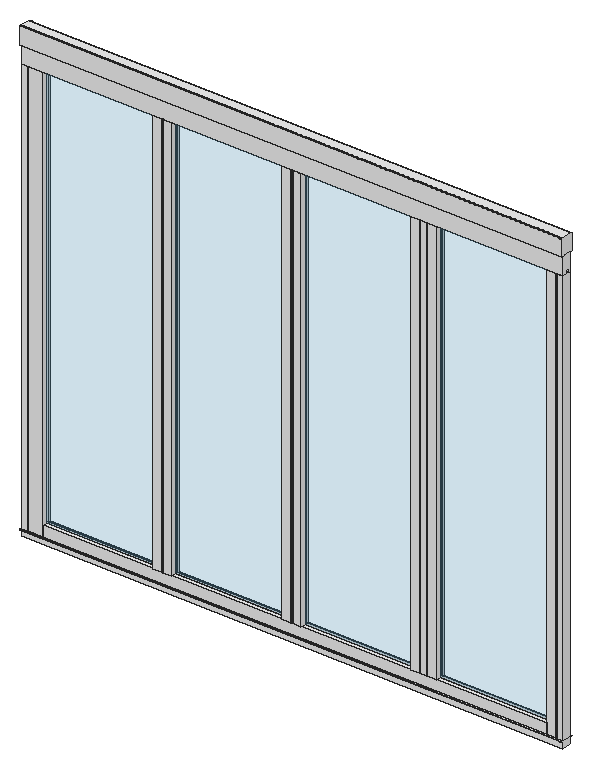
Revit family "Window-NanaWall-HSW-60", category Windows, host Wall, Revit 2013 (continued)
Definition of nested family "Right-Jamb_HSW-60"
  Definition of nested family "Profile_RightJamb_HSW60"
    Lines and regions (in)
      model lines, in view "Ref. Level", visible <- "Closed"
        curve 554: line (-3.93908, 0.99972, 0) -> (-3.93908, 1.02716, 0)
        curve 555: line (-3.93908, 1.02716, 0) -> (-3.89987, 1.02716, 0)
        curve 556: line (-3.89987, 1.02716, 0) -> (-3.89987, 1.10557, 0)
        curve 557: line (-3.89987, 1.10557, 0) -> (-4.25663, 1.10557, 0)
        curve 558: line (-4.25663, 1.10557, 0) -> (-4.25663, 1.02716, 0)
        curve 559: line (-4.33112, 0.98795, 0) -> (-4.22919, 0.98795, 0)
        curve 560: line (-3.88419, 0.98795, 0) -> (-3.92732, 0.98795, 0)
        curve 561: line (-3.92732, 0.98795, 0) -> (-3.88419, 0.98795, 0)
        curve 562: line (-2.08862, 0.87622, 0) -> (-2.06902, 0.87622, 0)
        curve 563: line (-2.06902, 0.87622, 0) -> (-2.06902, 0.83114, 0)
        curve 564: line (-2.06902, 0.83114, 0) -> (-2.01805, 0.83114, 0)
        curve 565: line (-2.01805, 0.83114, 0) -> (-2.01805, 0.88994, 0)
        curve 567: line (-1.99845, 0.88994, 0) -> (-2.01805, 0.88994, 0)
        curve 568: line (-2.01805, 0.88994, 0) -> (-2.01805, 0.83114, 0)
        curve 569: line (-2.01805, 0.83114, 0) -> (-2.06902, 0.83114, 0)
        curve 570: line (-2.06902, 0.83114, 0) -> (-2.06902, 0.87622, 0)
        curve 571: line (-2.06902, 0.87622, 0) -> (-2.08862, 0.87622, 0)
        curve 572: line (-2.10822, 0.83114, 0) -> (-2.10822, 0.85662, 0)
        curve 573: line (-2.10822, 0.85662, 0) -> (-2.10822, 0.83114, 0)
        curve 574: line (-2.10822, 0.83114, 0) -> (-2.17487, 0.83114, 0)
        curve 575: line (-2.17487, 0.83114, 0) -> (-2.17487, 1.10557, 0)
        curve 576: line (-2.17487, 1.10557, 0) -> (-2.10822, 1.10557, 0)
        curve 577: line (-2.10822, 1.10557, 0) -> (-2.17487, 1.10557, 0)
        curve 578: line (-2.17487, 1.10557, 0) -> (-2.17487, 0.83114, 0)
        curve 579: line (-2.17487, 0.83114, 0) -> (-2.10822, 0.83114, 0)
        curve 580: line (-2.01007, 0.79275, 0) -> (-2.10822, 0.77233, 0)
        curve 581: line (-2.10822, 0.77233, 0) -> (-2.37089, 0.77233, 0)
        curve 582: line (-2.37089, 0.77233, 0) -> (-2.10822, 0.77233, 0)
        curve 583: line (-2.10822, 0.77233, 0) -> (-2.01007, 0.79275, 0)
        curve 584: line (-3.46862, 0.98858, 0) -> (-3.53809, 0.86841, 0)
        curve 585: line (-3.53809, 0.86841, 0) -> (-3.46862, 0.98858, 0)
        curve 586: line (-3.46862, 0.98858, 0) -> (-3.46862, 1.09381, 0)
        curve 587: line (-3.46862, 1.09381, 0) -> (-3.84499, 1.09381, 0)
        curve 588: line (-3.84499, 1.09381, 0) -> (-3.84499, 1.02716, 0)
        curve 589: line (-3.84499, 1.02716, 0) -> (-3.84499, 1.09381, 0)
        curve 590: line (-3.84499, 1.09381, 0) -> (-3.46862, 1.09381, 0)
        curve 591: line (-3.46862, 1.09381, 0) -> (-3.46862, 0.98858, 0)
        curve 592: line (-2.48851, 0.65472, 0) -> (-2.48851, 0.34934, 0)
        curve 593: line (-2.48851, 0.34934, 0) -> (-2.48851, 0.65472, 0)
        curve 594: line (-2.55516, 0.65472, 0) -> (-2.55516, 0.54886, 0)
        curve 595: line (-2.55516, 0.54886, 0) -> (-3.48038, 0.54886, 0)
        curve 596: line (-3.48038, 0.54886, 0) -> (-3.48038, 0.83506, 0)
        curve 597: line (-3.48038, 0.83506, 0) -> (-3.40197, 0.9707, 0)
        curve 598: line (-3.40197, 0.9707, 0) -> (-3.40197, 1.09381, 0)
        curve 599: line (-3.40197, 1.09381, 0) -> (-2.24152, 1.09381, 0)
        curve 600: line (-2.24152, 1.09381, 0) -> (-2.24152, 0.83898, 0)
        curve 601: line (-2.24152, 0.83898, 0) -> (-2.31993, 0.83898, 0)
        curve 602: line (-2.31993, 0.83898, 0) -> (-2.31993, 0.85858, 0)
        curve 603: line (-2.31993, 0.85858, 0) -> (-2.39834, 0.85858, 0)
        curve 604: line (-2.39834, 0.85858, 0) -> (-2.39834, 0.83692, 0)
        curve 605: line (-2.39834, 0.83692, 0) -> (-2.39834, 0.85858, 0)
        curve 606: line (-2.39834, 0.85858, 0) -> (-2.31993, 0.85858, 0)
        curve 607: line (-2.31993, 0.85858, 0) -> (-2.31993, 0.83898, 0)
        curve 608: line (-2.31993, 0.83898, 0) -> (-2.24152, 0.83898, 0)
        curve 609: line (-2.24152, 0.83898, 0) -> (-2.24152, 1.09381, 0)
        curve 610: line (-2.24152, 1.09381, 0) -> (-3.40197, 1.09381, 0)
        curve 611: line (-3.40197, 1.09381, 0) -> (-3.40197, 0.9707, 0)
        curve 612: line (-3.40197, 0.9707, 0) -> (-3.48038, 0.83506, 0)
        curve 613: line (-3.48038, 0.83506, 0) -> (-3.48038, 0.54886, 0)
        curve 614: line (-3.48038, 0.54886, 0) -> (-2.55516, 0.54886, 0)
        curve 615: line (-2.55516, 0.54886, 0) -> (-2.55516, 0.65472, 0)
        curve 616: line (-2.78303, 0.37244, 0) -> (-2.83962, 0.47045, 0)
        curve 617: line (-2.83962, 0.47045, 0) -> (-3.19592, 0.47045, 0)
        curve 618: line (-3.19592, 0.47045, 0) -> (-3.25251, 0.37244, 0)
        curve 619: line (-3.25251, 0.37244, 0) -> (-3.19592, 0.47045, 0)
        curve 620: line (-3.19592, 0.47045, 0) -> (-2.83962, 0.47045, 0)
        curve 621: line (-2.83962, 0.47045, 0) -> (-2.78303, 0.37244, 0)
        curve 622: line (-2.72864, 0.46261, 0) -> (-2.72864, 0.44144, 0)
        curve 623: line (-2.72864, 0.44144, 0) -> (-2.68453, 0.36505, 0)
        curve 624: line (-2.68453, 0.36505, 0) -> (-2.68453, 0.35284, 0)
        curve 625: line (-2.68453, 0.35284, 0) -> (-2.74908, 0.35284, 0)
        curve 626: line (-2.74908, 0.35284, 0) -> (-2.68453, 0.35284, 0)
        curve 627: line (-3.54703, 0.34934, 0) -> (-3.54703, 0.83506, 0)
        curve 628: line (-3.54703, 0.83506, 0) -> (-3.54703, 0.34934, 0)
        curve 629: line (-3.46568, 0.47045, 0) -> (-3.31474, 0.47045, 0)
        curve 630: line (-3.31474, 0.47045, 0) -> (-3.46568, 0.47045, 0)
        curve 631: line (-3.46568, 0.47045, 0) -> (-3.31474, 0.47045, 0)
        curve 632: line (-3.43922, 0.33838, 0) -> (-3.53723, 0.28009, 0)
        curve 633: line (-3.53723, 0.28009, 0) -> (-3.43922, 0.33838, 0)
        curve 634: line (-3.45588, 0.24274, 0) -> (-3.37061, 0.29197, 0)
        curve 635: line (-3.37061, 0.29197, 0) -> (-3.45588, 0.24274, 0)
        curve 636: line (-3.35101, 0.35284, 0) -> (-3.28646, 0.35284, 0)
        curve 637: line (-3.28646, 0.35284, 0) -> (-3.35101, 0.35284, 0)
        curve 638: line (-3.35101, 0.35284, 0) -> (-3.35101, 0.36505, 0)
        curve 639: line (-3.35101, 0.36505, 0) -> (-3.3069, 0.44144, 0)
        curve 640: line (-3.3069, 0.44144, 0) -> (-3.3069, 0.46261, 0)
        curve 641: line (-3.3069, 0.46261, 0) -> (-3.3069, 0.44144, 0)
        curve 642: line (-3.3069, 0.44144, 0) -> (-3.35101, 0.36505, 0)
        curve 643: line (-3.35101, 0.36505, 0) -> (-3.35101, 0.32593, 0)
        curve 644: line (-3.42942, -0.3553, 0) -> (-3.52236, -0.3304, 0)
        curve 645: line (-3.52235, -0.3304, 0) -> (-3.42942, -0.35535, 0)
        curve 646: line (-3.42942, -0.35535, 0) -> (-3.42942, -0.36505, 0)
        curve 647: line (-3.42942, -0.36505, 0) -> (-3.47352, -0.44144, 0)
        curve 648: line (-3.47352, -0.44144, 0) -> (-3.47352, -0.46261, 0)
        curve 649: line (-3.47352, -0.46261, 0) -> (-3.47352, -0.44144, 0)
        curve 650: line (-3.47352, -0.44144, 0) -> (-3.42942, -0.36505, 0)
        curve 651: line (-3.42942, -0.36505, 0) -> (-3.42942, -0.35535, 0)
        curve 652: line (-3.42942, 0.3553, 0) -> (-3.42942, 0.36505, 0)
        curve 653: line (-3.42942, 0.36505, 0) -> (-3.42942, 0.3553, 0)
        curve 654: line (-3.42942, 0.3553, 0) -> (-3.52236, 0.3304, 0)
        curve 655: line (-3.52236, 0.3304, 0) -> (-3.42942, 0.3553, 0)
        curve 656: line (-3.42942, 0.3553, 0) -> (-3.42942, 0.36505, 0)
        curve 657: line (-3.42942, 0.36505, 0) -> (-3.47352, 0.44144, 0)
        curve 658: line (-3.47352, 0.44144, 0) -> (-3.47352, 0.46261, 0)
        curve 659: line (-3.47352, 0.46261, 0) -> (-3.47352, 0.44144, 0)
        curve 660: line (-3.47352, 0.44144, 0) -> (-3.42942, 0.36505, 0)
        curve 661: line (-3.42942, 0.36505, 0) -> (-3.47352, 0.44144, 0)
        curve 662: line (-3.47352, 0.44144, 0) -> (-3.47352, 0.46261, 0)
        curve 663: line (-3.3069, -0.46261, 0) -> (-3.3069, -0.44144, 0)
        curve 664: line (-3.3069, -0.44144, 0) -> (-3.3069, -0.46261, 0)
        curve 665: line (-3.3069, -0.46261, 0) -> (-3.3069, -0.44144, 0)
        curve 666: line (-3.3069, -0.44144, 0) -> (-3.35101, -0.36505, 0)
        curve 667: line (-3.35101, -0.36505, 0) -> (-3.35101, -0.35284, 0)
        curve 668: line (-3.35101, -0.35284, 0) -> (-3.28646, -0.35284, 0)
        curve 669: line (-3.28646, -0.35284, 0) -> (-3.35101, -0.35284, 0)
        curve 670: line (-3.3069, -0.44144, 0) -> (-3.35101, -0.36505, 0)
        curve 671: line (-3.35101, -0.36505, 0) -> (-3.35101, -0.32593, 0)
        curve 672: line (-3.35101, -0.32593, 0) -> (-3.35101, -0.36505, 0)
        curve 673: line (-3.35101, -0.36505, 0) -> (-3.3069, -0.44144, 0)
        curve 674: line (-3.47548, -0.20879, 0) -> (-3.47548, 0.20879, 0)
        curve 675: line (-3.47548, 0.20879, 0) -> (-3.47548, -0.20879, 0)
        curve 676: line (-3.54703, 0.26311, 0) -> (-3.54703, -0.26311, 0)
        curve 677: line (-3.54703, -0.26311, 0) -> (-3.54703, 0.26311, 0)
        curve 678: line (-3.37061, -0.29197, 0) -> (-3.45588, -0.24274, 0)
        curve 679: line (-3.45588, -0.24274, 0) -> (-3.37061, -0.29197, 0)
        curve 680: line (-3.53723, -0.28009, 0) -> (-3.43922, -0.33838, 0)
        curve 681: line (-3.43922, -0.33838, 0) -> (-3.53723, -0.28009, 0)
        curve 682: line (-3.31474, -0.47045, 0) -> (-3.46568, -0.47045, 0)
        curve 683: line (-3.46568, -0.47045, 0) -> (-3.31474, -0.47045, 0)
        curve 684: line (-3.31474, -0.47045, 0) -> (-3.46568, -0.47045, 0)
        curve 715: line (-4.22919, 0.98795, 0) -> (-4.33112, 0.98795, 0)
        curve 716: line (-4.33112, 0.98795, 0) -> (-4.33112, 1.16438, 0)
        curve 717: line (-4.33112, 1.16438, 0) -> (-1.97885, 1.16438, 0)
        curve 753: line (-2.60612, 0.35535, 0) -> (-2.60612, 0.36505, 0)
        curve 754: line (-2.60612, 0.36505, 0) -> (-2.56202, 0.44144, 0)
        curve 755: line (-2.56202, 0.44144, 0) -> (-2.56202, 0.46261, 0)
        curve 756: line (-2.68453, 0.32593, 0) -> (-2.68453, 0.36505, 0)
        curve 757: line (-2.68453, 0.36505, 0) -> (-2.72864, 0.44144, 0)
        curve 758: line (-2.72864, 0.44144, 0) -> (-2.72864, 0.46261, 0)
        curve 759: line (-2.72864, 0.46261, 0) -> (-2.72864, 0.44144, 0)
        curve 760: line (-2.72864, 0.44144, 0) -> (-2.68453, 0.36505, 0)
        curve 761: line (-2.68453, 0.36505, 0) -> (-2.68453, 0.32593, 0)
        curve 762: line (-3.3069, 0.46261, 0) -> (-3.3069, 0.44144, 0)
        curve 763: line (-3.3069, 0.44144, 0) -> (-3.35101, 0.36505, 0)
        curve 764: line (-3.35101, 0.36505, 0) -> (-3.35101, 0.32593, 0)
        curve 765: line (-3.47352, -0.46261, 0) -> (-3.47352, -0.44144, 0)
        curve 766: line (-3.47352, -0.44144, 0) -> (-3.42942, -0.36505, 0)
        curve 767: line (-3.42942, -0.36505, 0) -> (-3.42942, -0.35535, 0)
        curve 768: line (-3.54684, -0.31756, 0) -> (-3.74286, 1.09381, 0)
        curve 769: line (-3.74286, 1.09381, 0) -> (-3.74286, -0.31756, 0)
        curve 770: line (-3.74286, -0.31756, 0) -> (-3.54684, -0.31756, 0)
        curve 771: line (-3.54684, -0.31756, 0) -> (-3.54684, 1.09381, 0)
        curve 772: line (-3.54684, 1.09381, 0) -> (-3.74286, -0.31756, 0)
        curve 773: line (-3.74286, 1.09381, 0) -> (-3.54684, 1.09381, 0)
        curve 774: line (-3.96176, 1.08121, 0) -> (-3.90771, 1.02716, 0)
        curve 775: line (-3.90771, 1.02716, 0) -> (-3.93908, 1.02716, 0)
        curve 776: line (-3.93908, 1.02716, 0) -> (-3.93908, 0.98795, 0)
        curve 777: line (-3.93908, 0.98795, 0) -> (-3.90771, 0.98795, 0)
        curve 778: line (-3.90771, 0.98795, 0) -> (-3.90771, 0.98011, 0)
        curve 779: line (-3.99834, 1.06908, 0) -> (-3.99168, 1.07859, 0)
        curve 780: line (-4.10178, 1.03564, 0) -> (-4.06257, 1.03564, 0)
        curve 781: line (-3.93908, 0.95071, 0) -> (-4.15257, 0.95071, 0)
        curve 782: line (-1.97885, 1.08597, 0) -> (-1.97885, 1.16438, 0)
        curve 783: line (-1.97885, 1.16438, 0) -> (-4.33112, 1.16438, 0)
        curve 784: line (-4.33112, 1.16438, 0) -> (-4.33112, 0.98795, 0)
        curve 785: line (-4.33112, 0.98795, 0) -> (-4.21743, 0.98795, 0)
        curve 786: line (-4.21743, 0.98795, 0) -> (-4.21743, 1.02716, 0)
        curve 787: line (-4.21743, 1.02716, 0) -> (-4.25663, 1.02716, 0)
        curve 788: line (-4.17267, 1.07859, 0) -> (-4.166, 1.06908, 0)
        curve 789: line (-4.34324, 0.83114, 0) -> (-4.2191, 0.83114, 0)
        curve 790: line (-3.55851, -0.52582, 0) -> (-3.74305, -0.34128, 0)
        curve 791: line (-3.74305, -0.34128, 0) -> (-3.99544, -0.34128, 0)
        curve 792: line (-3.99544, -0.34128, 0) -> (-4.03352, -0.12921, 0)
        curve 793: line (-3.97044, -0.40008, 0) -> (-3.79486, -0.40008, 0)
        curve 794: line (-4.25628, -0.13738, 0) -> (-4.21967, -0.34108, 0)
        curve 795: line (-4.21967, -0.34108, 0) -> (-4.3117, -0.34108, 0)
        curve 796: line (-4.3117, -0.34108, 0) -> (-4.38325, -0.12599, 0)
        curve 797: line (-4.42913, -0.1333, 0) -> (-4.42913, -0.1921, 0)
        curve 798: line (-4.42913, -0.1921, 0) -> (-4.38993, -0.46395, 0)
        curve 799: line (-4.38993, -0.46395, 0) -> (-4.33112, -0.4979, 0)
        curve 800: line (-4.33112, -0.4979, 0) -> (-4.33112, -0.41949, 0)
        curve 801: line (-4.33112, -0.41949, 0) -> (-4.24487, -0.41949, 0)
        curve 802: line (-4.08021, -0.1333, 0) -> (-4.08021, -0.34108, 0)
        curve 803: line (-4.08021, -0.34108, 0) -> (-4.13102, -0.34108, 0)
        curve 804: line (-4.13102, -0.34108, 0) -> (-4.21101, -0.12525, 0)
        curve 805: line (-3.74801, -0.41949, 0) -> (-3.58049, -0.587, 0)
        curve 806: line (-3.54703, -0.57314, 0) -> (-3.54703, -0.55354, 0)
        curve 1080: line (-4.26447, -0.64688, 0) -> (-4.26447, -1.05852, 0)
        curve 1081: line (-3.943, -0.41949, 0) -> (-3.86067, -0.41949, 0)
        curve 1082: line (-3.86067, -0.41949, 0) -> (-3.86067, -0.56847, 0)
        curve 1083: line (-3.95476, -0.43125, 0) -> (-3.95476, -0.45869, 0)
        curve 1084: line (-3.95476, -0.45869, 0) -> (-3.91555, -0.45869, 0)
        curve 1085: line (-3.91555, -0.45869, 0) -> (-3.91555, -0.54886, 0)
        curve 1086: line (-3.91555, -0.54886, 0) -> (-4.27232, -0.54886, 0)
        curve 1087: line (-4.27232, -0.54886, 0) -> (-4.27232, -0.45869, 0)
        curve 1088: line (-4.27232, -0.45869, 0) -> (-4.23311, -0.45869, 0)
        curve 1089: line (-4.23311, -0.45869, 0) -> (-4.21351, -0.45869, 0)
        curve 1090: line (-4.21351, -0.45869, 0) -> (-4.02518, -0.39728, 0)
        curve 1091: line (-3.89987, -0.60767, 0) -> (-4.22527, -0.60767, 0)
        curve 1092: line (-3.34317, -1.04284, 0) -> (-3.45294, -1.04284, 0)
        curve 1093: line (-3.45294, -1.04284, 0) -> (-3.49634, -1.08624, 0)
        curve 1094: line (-4.22527, -1.09773, 0) -> (-3.62544, -1.09773, 0)
        curve 1095: line (-3.62544, -1.09773, 0) -> (-3.57055, -1.04284, 0)
        curve 1096: line (-3.57055, -1.04284, 0) -> (-3.53056, -1.04284, 0)
        curve 1097: line (-3.53056, -1.04284, 0) -> (-3.47568, -0.98795, 0)
        curve 1098: line (-3.47568, -0.98795, 0) -> (-3.36669, -0.98795, 0)
        curve 1099: line (-3.26476, -0.92719, 0) -> (-3.26476, -0.96443, 0)
        curve 1100: line (-3.32749, -0.94875, 0) -> (-3.32749, -0.92719, 0)
        curve 1101: line (-3.52407, -1.09773, 0) -> (-3.54703, -1.09773, 0)
        curve 1102: line (-4.40561, -0.10977, 0) -> (-3.74286, -0.10977, 0)
        curve 1103: line (-3.74286, -0.10977, 0) -> (-3.74286, 0.83114, 0)
        curve 1104: line (-3.74286, 0.83114, 0) -> (-4.34324, 0.83114, 0)
      model lines, in view "Ref. Level"
        curve 2: arc (-1.4888, -2.08401, 0) -> (-1.47973, -2.19531, 0) -> (-1.46538, -2.30605, 0) r 2.35227
        curve 3: arc (-1.46538, -2.30605, 0) -> (-1.41024, -2.41486, 0) -> (-1.30143, -2.46999, 0) r 0.19602
        curve 4: arc (-1.30143, -2.46999, 0) -> (-0.94385, -2.49733, 0) -> (-0.58627, -2.46999, 0) r 2.35227
        curve 5: arc (-0.58627, -2.46999, 0) -> (-0.47746, -2.41486, 0) -> (-0.42232, -2.30605, 0) r 0.19602
        curve 6: arc (-0.42232, -2.30605, 0) -> (-0.39499, -1.94847, 0) -> (-0.42232, -1.59089, 0) r 2.35227
        curve 7: arc (-0.42232, -1.59089, 0) -> (-0.47746, -1.48208, 0) -> (-0.58627, -1.42694, 0) r 0.19602
        curve 8: arc (-0.58627, -1.42694, 0) -> (-0.76454, -1.40645, 0) -> (-0.94385, -1.3996, 0) r 2.35227
        curve 12: arc (-0.43007, -2.30485, 0) -> (-0.40283, -1.94847, 0) -> (-0.43007, -1.59208, 0) r 2.34443
        curve 13: arc (-0.58746, -2.46224, 0) -> (-0.483, -2.40931, 0) -> (-0.43007, -2.30485, 0) r 0.18818
        curve 14: arc (-1.30024, -2.46224, 0) -> (-0.94385, -2.48949, 0) -> (-0.58746, -2.46224, 0) r 2.34443
        curve 15: arc (-1.45763, -2.30485, 0) -> (-1.4047, -2.40931, 0) -> (-1.30024, -2.46224, 0) r 0.18818
        curve 16: arc (-1.45763, -1.59208, 0) -> (-1.48487, -1.94847, 0) -> (-1.45763, -2.30485, 0) r 2.34443
        curve 17: arc (-1.30024, -1.43469, 0) -> (-1.4047, -1.48762, 0) -> (-1.45763, -1.59208, 0) r 0.18818
        curve 18: arc (-0.58746, -1.43469, 0) -> (-0.94385, -1.40744, 0) -> (-1.30024, -1.43469, 0) r 2.34443
        curve 19: arc (-0.43007, -1.59208, 0) -> (-0.483, -1.48762, 0) -> (-0.58746, -1.43469, 0) r 0.18818
        curve 20: arc (-1.23815, -1.3996, 0) -> (-1.22342, -1.37535, 0) -> (-1.21828, -1.34743, 0) r 0.07841
        curve 21: arc (-0.39499, -1.74852, 0) -> (-0.36726, -1.73704, 0) -> (-0.35578, -1.70932, 0) r 0.0392
        curve 24: line (-1.4888, -2.08401, 0) -> (-1.48324, -2.03592, 0)
        curve 25: line (-1.48324, -2.03592, 0) -> (-1.4888, -2.08401, 0)
        curve 26: line (-0.94385, -1.3996, 0) -> (-1.29862, -1.3996, 0)
        curve 32: line (-1.21828, -1.34743, 0) -> (-1.21828, -1.16438, 0)
        curve 33: line (-1.21828, -1.16438, 0) -> (-0.35578, -1.16438, 0)
        curve 34: line (-0.35578, -1.16438, 0) -> (-0.35578, -1.70932, 0)
        curve 35: line (-0.39499, -1.74852, 0) -> (-0.4035, -1.74852, 0)
        curve 36: line (-0.3803, -1.94847, 0) -> (-0.39499, -1.94847, 0)
        curve 37: line (-0.74783, -0.96835, 0) -> (-0.74783, -1.40778, 0)
        curve 45: line (-0.94385, -1.59536, 0) -> (-0.94385, -2.30157, 0)
        curve 46: line (-1.29696, -1.94847, 0) -> (-0.59074, -1.94847, 0)
        curve 47: line (-0.45967, -1.16438, 0) -> (-1.02814, -1.16438, 0)
        curve 64: arc (-1.99845, -0.88994, 0) -> (-1.98459, -0.8842, 0) -> (-1.97885, -0.87034, 0) r 0.0196
        curve 86: arc (-1.99845, 1.06636, 0) -> (-1.98459, 1.07211, 0) -> (-1.97885, 1.08597, 0) r 0.0196
        curve 105: arc (-1.53192, -1.06636, 0) -> (-1.53357, -1.06316, 0) -> (-1.53714, -1.06267, 0) r 0.00392
        curve 106: arc (-1.44419, -1.01648, 0) -> (-1.42999, -0.97815, 0) -> (-1.44419, -0.93983, 0) r 0.05881
        curve 107: arc (-1.53714, -0.89364, 0) -> (-1.53357, -0.89314, 0) -> (-1.53192, -0.88994, 0) r 0.00392
        curve 108: arc (-1.66465, -0.72977, 0) -> (-1.6946, -0.70523, 0) -> (-1.72879, -0.68705, 0) r 0.19602
        curve 109: arc (-1.92262, -0.68765, 0) -> (-1.92066, -0.68376, 0) -> (-1.92351, -0.68046, 0) r 0.00392
        curve 110: arc (-1.95366, -0.71607, 0) -> (-1.96343, -0.73048, 0) -> (-1.95786, -0.74699, 0) r 0.0196
        curve 111: arc (-1.91018, -0.8233, 0) -> (-1.90656, -0.82088, 0) -> (-1.90741, -0.8166, 0) r 0.00392
        curve 112: arc (-1.53783, -0.939, 0) -> (-1.57504, -0.97815, 0) -> (-1.53783, -1.01731, 0) r 0.0392
        curve 113: arc (-1.47392, -0.99093, 0) -> (-1.46919, -0.97815, 0) -> (-1.47392, -0.96538, 0) r 0.0196
        curve 114: arc (-1.88428, -0.81755, 0) -> (-1.87792, -0.8218, 0) -> (-1.87042, -0.8233, 0) r 0.0196
        curve 115: arc (-1.94593, -0.72971, 0) -> (-1.94789, -0.7326, 0) -> (-1.94678, -0.7359, 0) r 0.00392
        curve 116: arc (-1.88519, -0.69108, 0) -> (-1.89282, -0.69052, 0) -> (-1.90008, -0.69291, 0) r 0.0196
        curve 117: arc (-1.69791, -0.76304, 0) -> (-1.72822, -0.73968, 0) -> (-1.76347, -0.72481, 0) r 0.14898
        curve 118: arc (-1.68498, -0.8233, 0) -> (-1.66687, -0.81119, 0) -> (-1.67112, -0.78983, 0) r 0.0196
        curve 119: arc (-1.92788, -1.09662, 0) -> (-1.97202, -1.04143, 0) -> (-2.03497, -1.0093, 0) r 0.16785
        curve 120: arc (-2.05373, -0.96273, 0) -> (-2.056, -0.99071, 0) -> (-2.03497, -1.0093, 0) r 0.03136
        curve 121: arc (-1.97913, -0.90883, 0) -> (-1.94895, -0.88841, 0) -> (-1.92788, -0.85868, 0) r 0.10199
        curve 122: arc (-2.01805, -0.88994, 0) -> (-2.04491, -0.91195, 0) -> (-2.06814, -0.93777, 0) r 0.22896
        curve 123: arc (-1.97913, -0.90883, 0) -> (-2.02189, -0.92822, 0) -> (-2.05373, -0.96273, 0) r 0.11816
        curve 124: arc (-1.98092, -1.07721, 0) -> (-2.00803, -1.0482, 0) -> (-2.04255, -1.0286, 0) r 0.13171
        curve 125: arc (-2.06814, -0.93777, 0) -> (-2.07816, -0.98961, 0) -> (-2.04255, -1.0286, 0) r 0.05881
        curve 126: arc (-1.92788, -1.09662, 0) -> (-1.92381, -0.97765, 0) -> (-1.92788, -0.85868, 0) r 1.73734
        curve 127: arc (-2.01834, -0.89014, 0) -> (-1.9713, -0.87521, 0) -> (-1.95705, -0.82796, 0) r 0.05291
        curve 128: arc (-1.9532, -0.8233, 0) -> (-1.95622, -0.82472, 0) -> (-1.95705, -0.82796, 0) r 0.00392
        curve 129: arc (-1.97885, -1.08597, 0) -> (-1.97937, -1.08147, 0) -> (-1.98092, -1.07721, 0) r 0.0196
        curve 130: arc (-2.06131, -0.55051, 0) -> (-2.0904, -0.56161, 0) -> (-2.08114, -0.59133, 0) r 0.02274
        curve 131: arc (-1.53714, 1.06267, 0) -> (-1.53357, 1.06316, 0) -> (-1.53192, 1.06636, 0) r 0.00392
        curve 132: arc (-1.44419, 0.93983, 0) -> (-1.42999, 0.97815, 0) -> (-1.44419, 1.01648, 0) r 0.05881
        curve 133: arc (-1.53192, 0.88994, 0) -> (-1.53357, 0.89314, 0) -> (-1.53714, 0.89364, 0) r 0.00392
        curve 134: arc (-1.72879, 0.68705, 0) -> (-1.6946, 0.70523, 0) -> (-1.66465, 0.72977, 0) r 0.19602
        curve 135: arc (-1.92351, 0.68046, 0) -> (-1.92066, 0.68376, 0) -> (-1.92262, 0.68765, 0) r 0.00392
        curve 136: arc (-1.95786, 0.74699, 0) -> (-1.96343, 0.73048, 0) -> (-1.95366, 0.71607, 0) r 0.0196
        curve 137: arc (-1.90741, 0.8166, 0) -> (-1.90656, 0.82088, 0) -> (-1.91018, 0.8233, 0) r 0.00392
        curve 138: arc (-1.53783, 1.01731, 0) -> (-1.57504, 0.97815, 0) -> (-1.53783, 0.939, 0) r 0.0392
        curve 139: arc (-1.47392, 0.96538, 0) -> (-1.46919, 0.97815, 0) -> (-1.47392, 0.99093, 0) r 0.0196
        curve 140: arc (-1.87042, 0.8233, 0) -> (-1.87792, 0.8218, 0) -> (-1.88428, 0.81755, 0) r 0.0196
        curve 141: arc (-1.94678, 0.7359, 0) -> (-1.94789, 0.7326, 0) -> (-1.94593, 0.72971, 0) r 0.00392
        curve 142: arc (-1.90008, 0.69291, 0) -> (-1.89282, 0.69052, 0) -> (-1.88519, 0.69108, 0) r 0.0196
        curve 143: arc (-1.76347, 0.72481, 0) -> (-1.72822, 0.73968, 0) -> (-1.69791, 0.76304, 0) r 0.14898
        curve 144: arc (-1.67112, 0.78983, 0) -> (-1.66687, 0.81119, 0) -> (-1.68498, 0.8233, 0) r 0.0196
        curve 145: arc (-2.03497, 1.0093, 0) -> (-1.97202, 1.04143, 0) -> (-1.92788, 1.09662, 0) r 0.16785
        curve 146: arc (-2.03497, 1.0093, 0) -> (-2.056, 0.99071, 0) -> (-2.05373, 0.96273, 0) r 0.03136
        curve 147: arc (-1.92788, 0.85868, 0) -> (-1.94895, 0.88841, 0) -> (-1.97913, 0.90883, 0) r 0.10199
        curve 148: arc (-2.06814, 0.93777, 0) -> (-2.04491, 0.91195, 0) -> (-2.01805, 0.88994, 0) r 0.22896
        curve 149: arc (-2.05373, 0.96273, 0) -> (-2.02189, 0.92822, 0) -> (-1.97913, 0.90883, 0) r 0.11816
        curve 150: arc (-2.04255, 1.0286, 0) -> (-2.00803, 1.0482, 0) -> (-1.98092, 1.07721, 0) r 0.13171
        curve 151: arc (-2.04255, 1.0286, 0) -> (-2.07816, 0.98961, 0) -> (-2.06814, 0.93777, 0) r 0.05881
        curve 152: arc (-1.92788, 0.85868, 0) -> (-1.92381, 0.97765, 0) -> (-1.92788, 1.09662, 0) r 1.73734
        curve 153: arc (-1.95705, 0.82796, 0) -> (-1.9713, 0.87521, 0) -> (-2.01834, 0.89014, 0) r 0.05291
        curve 154: arc (-1.95705, 0.82796, 0) -> (-1.95622, 0.82472, 0) -> (-1.9532, 0.8233, 0) r 0.00392
        curve 155: arc (-1.98092, 1.07721, 0) -> (-1.97937, 1.08147, 0) -> (-1.97885, 1.08597, 0) r 0.0196
        curve 156: arc (-2.08114, 0.59133, 0) -> (-2.0904, 0.56161, 0) -> (-2.06131, 0.55051, 0) r 0.02274
        curve 199: arc (0, 0.26311, 0) -> (-0.00263, 0.27292, 0) -> (-0.0098, 0.28009, 0) r 0.0196
        curve 200: arc (-0.07645, 0.46261, 0) -> (-0.07875, 0.46816, 0) -> (-0.08429, 0.47045, 0) r 0.00784
        curve 201: arc (-0.23523, 0.47045, 0) -> (-0.24077, 0.46816, 0) -> (-0.24307, 0.46261, 0) r 0.00784
        curve 202: arc (-0.19896, 0.32593, 0) -> (-0.19371, 0.30632, 0) -> (-0.17936, 0.29197, 0) r 0.0392
        curve 203: arc (-0.17936, -0.29197, 0) -> (-0.19371, -0.30632, 0) -> (-0.19896, -0.32593, 0) r 0.0392
        curve 204: arc (-0.24307, -0.46261, 0) -> (-0.24077, -0.46816, 0) -> (-0.23523, -0.47045, 0) r 0.00784
        curve 205: arc (-0.08429, -0.47045, 0) -> (-0.07875, -0.46816, 0) -> (-0.07645, -0.46261, 0) r 0.00784
        curve 206: arc (-0.0098, -0.28009, 0) -> (-0.00263, -0.27292, 0) -> (0, -0.26311, 0) r 0.0196
        curve 207: arc (-0.09409, -0.24274, 0) -> (-0.07974, -0.22839, 0) -> (-0.07449, -0.20879, 0) r 0.0392
        curve 208: arc (-0.07449, 0.20879, 0) -> (-0.07974, 0.22839, 0) -> (-0.09409, 0.24274, 0) r 0.0392
        curve 209: arc (-0.12055, 0.35535, 0) -> (-0.11793, 0.34555, 0) -> (-0.11075, 0.33838, 0) r 0.0196
        curve 210: arc (-0.11075, -0.33838, 0) -> (-0.11793, -0.34555, 0) -> (-0.12055, -0.35535, 0) r 0.0196
        curve 211: arc (-2.15233, 0.28009, 0) -> (-2.1595, 0.27292, 0) -> (-2.16213, 0.26311, 0) r 0.0196
        curve 212: arc (-2.07784, 0.47045, 0) -> (-2.08339, 0.46816, 0) -> (-2.08568, 0.46261, 0) r 0.00784
        curve 213: arc (-1.91906, 0.46261, 0) -> (-1.92136, 0.46816, 0) -> (-1.9269, 0.47045, 0) r 0.00784
        curve 214: arc (-1.98277, 0.29197, 0) -> (-1.96842, 0.30632, 0) -> (-1.96317, 0.32593, 0) r 0.0392
        curve 215: arc (-1.96317, -0.32593, 0) -> (-1.96842, -0.30632, 0) -> (-1.98277, -0.29197, 0) r 0.0392
        curve 216: arc (-1.9269, -0.47045, 0) -> (-1.92136, -0.46816, 0) -> (-1.91906, -0.46261, 0) r 0.00784
        curve 217: arc (-2.08568, -0.46261, 0) -> (-2.08339, -0.46816, 0) -> (-2.07784, -0.47045, 0) r 0.00784
        curve 218: arc (-2.16213, -0.26311, 0) -> (-2.1595, -0.27292, 0) -> (-2.15233, -0.28009, 0) r 0.0196
        curve 219: arc (-2.16213, -0.26311, 0) -> (-2.1595, -0.27292, 0) -> (-2.15233, -0.28009, 0) r 0.0196
        curve 220: arc (-1.9269, -0.47045, 0) -> (-1.92136, -0.46816, 0) -> (-1.91906, -0.46261, 0) r 0.00784
        curve 221: arc (-1.96317, -0.32593, 0) -> (-1.96842, -0.30632, 0) -> (-1.98277, -0.29197, 0) r 0.0392
        curve 222: arc (-2.08764, -0.20879, 0) -> (-2.08239, -0.22839, 0) -> (-2.06804, -0.24274, 0) r 0.0392
        curve 223: arc (-2.08764, -0.20879, 0) -> (-2.08239, -0.22839, 0) -> (-2.06804, -0.24274, 0) r 0.0392
        curve 224: arc (-2.06804, 0.24274, 0) -> (-2.08239, 0.22839, 0) -> (-2.08764, 0.20879, 0) r 0.0392
        curve 225: arc (-2.05138, 0.33838, 0) -> (-2.0442, 0.34555, 0) -> (-2.04158, 0.35535, 0) r 0.0196
        curve 226: arc (-2.04158, -0.35535, 0) -> (-2.0442, -0.34555, 0) -> (-2.05138, -0.33838, 0) r 0.0196
        curve 227: arc (-0.02254, 1.09773, 0) -> (-0.00868, 1.10347, 0) -> (-0.00294, 1.11733, 0) r 0.0196
        curve 228: arc (-0.02254, 1.09773, 0) -> (-0.00868, 1.10347, 0) -> (-0.00294, 1.11733, 0) r 0.0196
        curve 229: arc (-2.10611, 0.73943, 0) -> (-2.14425, 0.71623, 0) -> (-2.15919, 0.67417, 0) r 0.06665
        curve 230: arc (-2.10611, 0.73943, 0) -> (-2.14425, 0.71623, 0) -> (-2.15919, 0.67417, 0) r 0.06665
        curve 231: arc (-2.15919, 0.34934, 0) -> (-2.15152, 0.33378, 0) -> (-2.13451, 0.3304, 0) r 0.0196
        curve 232: arc (-2.15919, 0.34934, 0) -> (-2.15152, 0.33378, 0) -> (-2.13451, 0.3304, 0) r 0.0196
        curve 233: arc (-1.98346, 0.71288, 0) -> (-1.9637, 0.74302, 0) -> (-1.99384, 0.76278, 0) r 0.02548
        curve 234: arc (-1.98346, 0.71288, 0) -> (-1.9637, 0.74302, 0) -> (-1.99384, 0.76278, 0) r 0.02548
        curve 235: arc (-0.12447, 1.09773, 0) -> (-0.22491, 1.07004, 0) -> (-0.29697, 0.99481, 0) r 0.19602
        curve 236: arc (-0.12447, 1.09773, 0) -> (-0.22491, 1.07004, 0) -> (-0.29697, 0.99481, 0) r 0.19602
        curve 237: arc (-0.29697, 0.93307, 0) -> (-0.28549, 0.90535, 0) -> (-0.25777, 0.89386, 0) r 0.0392
        curve 238: arc (-0.29697, 0.93307, 0) -> (-0.28549, 0.90535, 0) -> (-0.25777, 0.89386, 0) r 0.0392
        curve 239: arc (-0.18491, 0.94382, 0) -> (-0.20258, 0.94113, 0) -> (-0.21072, 0.92523, 0) r 0.0196
        curve 240: arc (-0.18491, 0.94382, 0) -> (-0.20258, 0.94113, 0) -> (-0.21072, 0.92523, 0) r 0.0196
        curve 241: arc (-0.02762, 0.3304, 0) -> (-0.01061, 0.33378, 0) -> (-0.00294, 0.34934, 0) r 0.0196
        curve 242: arc (-0.00294, 0.83506, 0) -> (-0.01551, 0.87401, 0) -> (-0.04848, 0.89827, 0) r 0.06665
        curve 243: arc (-0.00294, 0.83506, 0) -> (-0.01551, 0.87401, 0) -> (-0.04848, 0.89827, 0) r 0.06665
        curve 244: arc (-0.07645, 0.46261, 0) -> (-0.07875, 0.46816, 0) -> (-0.08429, 0.47045, 0) r 0.00784
        curve 245: arc (-0.23523, 0.47045, 0) -> (-0.24077, 0.46816, 0) -> (-0.24307, 0.46261, 0) r 0.00784
        curve 246: arc (-0.29746, 0.37244, 0) -> (-0.28311, 0.35809, 0) -> (-0.26351, 0.35284, 0) r 0.0392
        curve 247: arc (-0.95944, 0.47045, 0) -> (-1.06146, 0.4881, 0) -> (-1.16349, 0.47045, 0) r 0.30384
        curve 248: arc (-1.89862, 0.35284, 0) -> (-1.87902, 0.35809, 0) -> (-1.86467, 0.37244, 0) r 0.0392
        curve 249: arc (-1.91906, 0.46261, 0) -> (-1.92136, 0.46816, 0) -> (-1.9269, 0.47045, 0) r 0.00784
        curve 250: arc (-2.07784, 0.47045, 0) -> (-2.08339, 0.46816, 0) -> (-2.08568, 0.46261, 0) r 0.00784
        curve 251: arc (-1.86467, -0.37244, 0) -> (-1.87902, -0.35809, 0) -> (-1.89862, -0.35284, 0) r 0.0392
        curve 252: arc (-1.86467, -0.37244, 0) -> (-1.87902, -0.35809, 0) -> (-1.89862, -0.35284, 0) r 0.0392
        curve 253: arc (-1.9269, -0.47045, 0) -> (-1.92136, -0.46816, 0) -> (-1.91906, -0.46261, 0) r 0.00784
        curve 254: arc (-2.08568, -0.46261, 0) -> (-2.08339, -0.46816, 0) -> (-2.07784, -0.47045, 0) r 0.00784
        curve 255: arc (-1.9269, -0.47045, 0) -> (-1.92136, -0.46816, 0) -> (-1.91906, -0.46261, 0) r 0.00784
        curve 256: arc (-1.16349, -0.47045, 0) -> (-1.06146, -0.4881, 0) -> (-0.95944, -0.47045, 0) r 0.30384
        curve 257: arc (-1.16349, -0.47045, 0) -> (-1.06146, -0.4881, 0) -> (-0.95944, -0.47045, 0) r 0.30384
        curve 258: arc (-0.26351, -0.35284, 0) -> (-0.28311, -0.35809, 0) -> (-0.29746, -0.37244, 0) r 0.0392
        curve 259: arc (-0.24307, -0.46261, 0) -> (-0.24077, -0.46816, 0) -> (-0.23523, -0.47045, 0) r 0.00784
        curve 260: arc (-0.08429, -0.47045, 0) -> (-0.07875, -0.46816, 0) -> (-0.07645, -0.46261, 0) r 0.00784
        curve 261: arc (-2.13451, -0.3304, 0) -> (-2.15152, -0.33378, 0) -> (-2.15919, -0.34934, 0) r 0.0196
        curve 262: arc (-2.15919, -0.67417, 0) -> (-2.14425, -0.71623, 0) -> (-2.10611, -0.73943, 0) r 0.06665
        curve 263: arc (-1.99384, -0.76278, 0) -> (-1.9637, -0.74302, 0) -> (-1.98346, -0.71288, 0) r 0.02548
        curve 264: arc (-1.57112, -0.87034, 0) -> (-1.56538, -0.8842, 0) -> (-1.55152, -0.88994, 0) r 0.0196
        curve 265: arc (-1.55152, -1.06636, 0) -> (-1.56538, -1.07211, 0) -> (-1.57112, -1.08597, 0) r 0.0196
        curve 266: arc (-0.00294, -1.11733, 0) -> (-0.00868, -1.10347, 0) -> (-0.02254, -1.09773, 0) r 0.0196
        curve 267: arc (-0.29697, -0.99481, 0) -> (-0.22491, -1.07004, 0) -> (-0.12447, -1.09773, 0) r 0.19602
        curve 268: arc (-0.25777, -0.89386, 0) -> (-0.28549, -0.90535, 0) -> (-0.29697, -0.93307, 0) r 0.0392
        curve 269: arc (-0.21072, -0.92523, 0) -> (-0.20258, -0.94113, 0) -> (-0.18491, -0.94382, 0) r 0.0196
        curve 270: arc (-0.04848, -0.89827, 0) -> (-0.01551, -0.87401, 0) -> (-0.00294, -0.83506, 0) r 0.06665
        curve 271: arc (-0.00294, -0.34934, 0) -> (-0.01061, -0.33378, 0) -> (-0.02762, -0.3304, 0) r 0.0196
        curve 272: arc (-1.30845, -0.85466, 0) -> (-1.32797, -0.80753, 0) -> (-1.3751, -0.78801, 0) r 0.06665
        curve 273: arc (-1.30845, -0.85466, 0) -> (-1.32797, -0.80753, 0) -> (-1.3751, -0.78801, 0) r 0.06665
        curve 274: arc (-1.17625, -0.54886, 0) -> (-1.06146, -0.56651, 0) -> (-0.94668, -0.54886, 0) r 0.38224
        curve 275: arc (-1.17625, -0.54886, 0) -> (-1.06146, -0.56651, 0) -> (-0.94668, -0.54886, 0) r 0.38224
        curve 276: arc (-0.25777, -0.83506, 0) -> (-0.33262, -0.86606, 0) -> (-0.36362, -0.94091, 0) r 0.10585
        curve 327: arc (-1.17625, -0.54886, 0) -> (-1.06146, -0.56651, 0) -> (-0.94668, -0.54886, 0) r 0.38224
        curve 328: arc (-0.25777, -0.83506, 0) -> (-0.33262, -0.86606, 0) -> (-0.36362, -0.94091, 0) r 0.10585
        curve 329: arc (-1.86467, -0.37244, 0) -> (-1.87902, -0.35809, 0) -> (-1.89862, -0.35284, 0) r 0.0392
        curve 330: arc (-2.13451, -0.3304, 0) -> (-2.15152, -0.33378, 0) -> (-2.15919, -0.34934, 0) r 0.0196
        curve 331: arc (-1.99384, -0.76278, 0) -> (-1.9637, -0.74302, 0) -> (-1.98346, -0.71288, 0) r 0.02548
        curve 332: arc (-0.29697, -0.99481, 0) -> (-0.22491, -1.07004, 0) -> (-0.12447, -1.09773, 0) r 0.19602
        curve 333: arc (-0.25777, -0.89386, 0) -> (-0.28549, -0.90535, 0) -> (-0.29697, -0.93307, 0) r 0.0392
        curve 334: arc (-0.21072, -0.92523, 0) -> (-0.20258, -0.94113, 0) -> (-0.18491, -0.94382, 0) r 0.0196
        curve 335: arc (-0.04848, -0.89827, 0) -> (-0.01551, -0.87401, 0) -> (-0.00294, -0.83506, 0) r 0.06665
        curve 336: arc (-0.00294, -0.34934, 0) -> (-0.01061, -0.33378, 0) -> (-0.02762, -0.3304, 0) r 0.0196
        curve 337: arc (-0.26351, -0.35284, 0) -> (-0.28311, -0.35809, 0) -> (-0.29746, -0.37244, 0) r 0.0392
        curve 338: arc (-1.16349, -0.47045, 0) -> (-1.06146, -0.4881, 0) -> (-0.95944, -0.47045, 0) r 0.30384
        curve 339: arc (-1.17625, -0.54886, 0) -> (-1.06146, -0.56651, 0) -> (-0.94668, -0.54886, 0) r 0.38224
        curve 340: arc (-1.86467, -0.37244, 0) -> (-1.87902, -0.35809, 0) -> (-1.89862, -0.35284, 0) r 0.0392
        curve 341: arc (-1.16349, -0.47045, 0) -> (-1.06146, -0.4881, 0) -> (-0.95944, -0.47045, 0) r 0.30384
        curve 342: arc (-2.15919, -0.67417, 0) -> (-2.14425, -0.71623, 0) -> (-2.10611, -0.73943, 0) r 0.06665
        curve 343: arc (-1.30845, -0.85466, 0) -> (-1.32797, -0.80753, 0) -> (-1.3751, -0.78801, 0) r 0.06665
        curve 344: arc (-1.30845, -0.85466, 0) -> (-1.32797, -0.80753, 0) -> (-1.3751, -0.78801, 0) r 0.06665
        curve 345: arc (-1.55152, -1.06636, 0) -> (-1.56538, -1.07211, 0) -> (-1.57112, -1.08597, 0) r 0.0196
        curve 346: arc (-1.57112, -0.87034, 0) -> (-1.56538, -0.8842, 0) -> (-1.55152, -0.88994, 0) r 0.0196
        curve 347: arc (-0.00294, -1.11733, 0) -> (-0.00868, -1.10347, 0) -> (-0.02254, -1.09773, 0) r 0.0196
        curve 348: arc (0, 0.26311, 0) -> (-0.00263, 0.27292, 0) -> (-0.0098, 0.28009, 0) r 0.0196
        curve 349: arc (-0.07645, 0.46261, 0) -> (-0.07875, 0.46816, 0) -> (-0.08429, 0.47045, 0) r 0.00784
        curve 350: arc (-0.23523, 0.47045, 0) -> (-0.24077, 0.46816, 0) -> (-0.24307, 0.46261, 0) r 0.00784
        curve 351: arc (-0.19896, 0.32593, 0) -> (-0.19371, 0.30632, 0) -> (-0.17936, 0.29197, 0) r 0.0392
        curve 352: arc (-0.17936, -0.29197, 0) -> (-0.19371, -0.30632, 0) -> (-0.19896, -0.32593, 0) r 0.0392
        curve 353: arc (-0.24307, -0.46261, 0) -> (-0.24077, -0.46816, 0) -> (-0.23523, -0.47045, 0) r 0.00784
        curve 354: arc (-0.08429, -0.47045, 0) -> (-0.07875, -0.46816, 0) -> (-0.07645, -0.46261, 0) r 0.00784
        curve 355: arc (-0.0098, -0.28009, 0) -> (-0.00263, -0.27292, 0) -> (0, -0.26311, 0) r 0.0196
        curve 356: arc (-0.09409, -0.24274, 0) -> (-0.07974, -0.22839, 0) -> (-0.07449, -0.20879, 0) r 0.0392
        curve 357: arc (-0.07449, 0.20879, 0) -> (-0.07974, 0.22839, 0) -> (-0.09409, 0.24274, 0) r 0.0392
        curve 358: arc (-0.12055, 0.35535, 0) -> (-0.11793, 0.34555, 0) -> (-0.11075, 0.33838, 0) r 0.0196
        curve 359: arc (-0.11075, -0.33838, 0) -> (-0.11793, -0.34555, 0) -> (-0.12055, -0.35535, 0) r 0.0196
        curve 360: arc (-2.15233, 0.28009, 0) -> (-2.1595, 0.27292, 0) -> (-2.16213, 0.26311, 0) r 0.0196
        curve 361: arc (-2.07784, 0.47045, 0) -> (-2.08339, 0.46816, 0) -> (-2.08568, 0.46261, 0) r 0.00784
        curve 362: arc (-1.91906, 0.46261, 0) -> (-1.92136, 0.46816, 0) -> (-1.9269, 0.47045, 0) r 0.00784
        curve 363: arc (-1.98277, 0.29197, 0) -> (-1.96842, 0.30632, 0) -> (-1.96317, 0.32593, 0) r 0.0392
        curve 364: arc (-1.96317, -0.32593, 0) -> (-1.96842, -0.30632, 0) -> (-1.98277, -0.29197, 0) r 0.0392
        curve 365: arc (-1.9269, -0.47045, 0) -> (-1.92136, -0.46816, 0) -> (-1.91906, -0.46261, 0) r 0.00784
        curve 366: arc (-2.08568, -0.46261, 0) -> (-2.08339, -0.46816, 0) -> (-2.07784, -0.47045, 0) r 0.00784
        curve 367: arc (-2.16213, -0.26311, 0) -> (-2.1595, -0.27292, 0) -> (-2.15233, -0.28009, 0) r 0.0196
        curve 368: arc (-2.16213, -0.26311, 0) -> (-2.1595, -0.27292, 0) -> (-2.15233, -0.28009, 0) r 0.0196
        curve 369: arc (-1.9269, -0.47045, 0) -> (-1.92136, -0.46816, 0) -> (-1.91906, -0.46261, 0) r 0.00784
        curve 370: arc (-1.96317, -0.32593, 0) -> (-1.96842, -0.30632, 0) -> (-1.98277, -0.29197, 0) r 0.0392
        curve 371: arc (-2.08764, -0.20879, 0) -> (-2.08239, -0.22839, 0) -> (-2.06804, -0.24274, 0) r 0.0392
        curve 372: arc (-2.08764, -0.20879, 0) -> (-2.08239, -0.22839, 0) -> (-2.06804, -0.24274, 0) r 0.0392
        curve 373: arc (-2.06804, 0.24274, 0) -> (-2.08239, 0.22839, 0) -> (-2.08764, 0.20879, 0) r 0.0392
        curve 374: arc (-2.05138, 0.33838, 0) -> (-2.0442, 0.34555, 0) -> (-2.04158, 0.35535, 0) r 0.0196
        curve 375: arc (-2.04158, -0.35535, 0) -> (-2.0442, -0.34555, 0) -> (-2.05138, -0.33838, 0) r 0.0196
        curve 376: arc (-0.94668, 0.54886, 0) -> (-1.06146, 0.56651, 0) -> (-1.17625, 0.54886, 0) r 0.38224
        curve 377: arc (-0.36362, 0.94091, 0) -> (-0.33262, 0.86606, 0) -> (-0.25777, 0.83506, 0) r 0.10585
        curve 378: arc (-1.89862, 0.35284, 0) -> (-1.87902, 0.35809, 0) -> (-1.86467, 0.37244, 0) r 0.0392
        curve 379: arc (-2.15919, 0.34934, 0) -> (-2.15152, 0.33378, 0) -> (-2.13451, 0.3304, 0) r 0.0196
        curve 380: arc (-1.98346, 0.71288, 0) -> (-1.9637, 0.74302, 0) -> (-1.99384, 0.76278, 0) r 0.02548
        curve 381: arc (-0.12447, 1.09773, 0) -> (-0.22491, 1.07004, 0) -> (-0.29697, 0.99481, 0) r 0.19602
        curve 382: arc (-0.29697, 0.93307, 0) -> (-0.28549, 0.90535, 0) -> (-0.25777, 0.89386, 0) r 0.0392
        curve 383: arc (-0.18491, 0.94382, 0) -> (-0.20258, 0.94113, 0) -> (-0.21072, 0.92523, 0) r 0.0196
        curve 384: arc (-0.00294, 0.83506, 0) -> (-0.01551, 0.87401, 0) -> (-0.04848, 0.89827, 0) r 0.06665
        curve 385: arc (-0.02762, 0.3304, 0) -> (-0.01061, 0.33378, 0) -> (-0.00294, 0.34934, 0) r 0.0196
        curve 386: arc (-0.29746, 0.37244, 0) -> (-0.28311, 0.35809, 0) -> (-0.26351, 0.35284, 0) r 0.0392
        curve 387: arc (-0.95944, 0.47045, 0) -> (-1.06146, 0.4881, 0) -> (-1.16349, 0.47045, 0) r 0.30384
        curve 388: arc (-0.36362, 0.94091, 0) -> (-0.33262, 0.86606, 0) -> (-0.25777, 0.83506, 0) r 0.10585
        curve 389: arc (-0.94668, 0.54886, 0) -> (-1.06146, 0.56651, 0) -> (-1.17625, 0.54886, 0) r 0.38224
        curve 390: arc (-0.00294, 0.83506, 0) -> (-0.01551, 0.87401, 0) -> (-0.04848, 0.89827, 0) r 0.06665
        curve 391: arc (-0.18491, 0.94382, 0) -> (-0.20258, 0.94113, 0) -> (-0.21072, 0.92523, 0) r 0.0196
        curve 392: arc (-0.29697, 0.93307, 0) -> (-0.28549, 0.90535, 0) -> (-0.25777, 0.89386, 0) r 0.0392
        curve 393: arc (-0.12447, 1.09773, 0) -> (-0.22491, 1.07004, 0) -> (-0.29697, 0.99481, 0) r 0.19602
        curve 394: arc (-1.98346, 0.71288, 0) -> (-1.9637, 0.74302, 0) -> (-1.99384, 0.76278, 0) r 0.02548
        curve 395: arc (-2.15919, 0.34934, 0) -> (-2.15152, 0.33378, 0) -> (-2.13451, 0.3304, 0) r 0.0196
        curve 456: line (-1.99845, -0.88994, 0) -> (-2.01805, -0.88994, 0)
        curve 513: line (-3.54703, -1.16438, 0) -> (-1.97885, -1.16438, 0)
        curve 514: line (-1.97885, -1.16438, 0) -> (-1.97885, -1.08597, 0)
        curve 515: line (-1.97885, -1.08597, 0) -> (-1.97885, -1.16438, 0)
        curve 566: line (-2.01805, 0.88994, 0) -> (-1.99845, 0.88994, 0)
        curve 685: line (-1.97885, -1.08597, 0) -> (-1.97885, -1.16438, 0)
        curve 686: line (-1.97885, -1.16438, 0) -> (-1.57112, -1.16438, 0)
        curve 687: line (-1.57112, -1.16438, 0) -> (-1.57112, -1.06636, 0)
        curve 688: line (-1.57112, -1.06636, 0) -> (-1.5476, -1.06636, 0)
        curve 689: line (-1.5476, -1.06636, 0) -> (-1.53714, -1.06267, 0)
        curve 690: line (-1.53192, -1.06636, 0) -> (-1.53192, -1.09577, 0)
        curve 691: line (-1.53192, -1.09577, 0) -> (-1.51232, -1.09577, 0)
        curve 692: line (-1.51232, -1.09577, 0) -> (-1.44419, -1.01648, 0)
        curve 693: line (-1.53714, -0.89364, 0) -> (-1.5476, -0.88994, 0)
        curve 694: line (-1.5476, -0.88994, 0) -> (-1.57112, -0.88994, 0)
        curve 695: line (-1.57112, -0.88994, 0) -> (-1.57112, -0.8233, 0)
        curve 696: line (-1.57112, -0.8233, 0) -> (-1.66465, -0.72977, 0)
        curve 697: line (-2.08114, -0.59133, 0) -> (-1.92351, -0.68046, 0)
        curve 698: line (-1.92262, -0.68765, 0) -> (-1.95366, -0.71607, 0)
        curve 699: line (-1.95786, -0.74699, 0) -> (-1.90741, -0.8166, 0)
        curve 700: line (-1.91018, -0.8233, 0) -> (-1.9532, -0.8233, 0)
        curve 701: line (-1.53783, -1.01731, 0) -> (-1.49832, -1.01932, 0)
        curve 702: line (-1.49832, -1.01932, 0) -> (-1.47392, -0.99093, 0)
        curve 703: line (-1.47392, -0.96538, 0) -> (-1.49832, -0.93699, 0)
        curve 704: line (-1.49832, -0.93699, 0) -> (-1.53783, -0.939, 0)
        curve 705: line (-1.64953, -1.0742, 0) -> (-1.64953, -0.91347, 0)
        curve 706: line (-1.64953, -0.91347, 0) -> (-1.80243, -0.91347, 0)
        curve 707: line (-1.80243, -0.91347, 0) -> (-1.80243, -1.0742, 0)
        curve 708: line (-1.80243, -1.0742, 0) -> (-1.64953, -1.0742, 0)
        curve 709: line (-1.88428, -0.81755, 0) -> (-1.94678, -0.7359, 0)
        curve 710: line (-1.94593, -0.72971, 0) -> (-1.90008, -0.69291, 0)
        curve 711: line (-1.88519, -0.69108, 0) -> (-1.76347, -0.72481, 0)
        curve 712: line (-1.69791, -0.76304, 0) -> (-1.67112, -0.78983, 0)
        curve 713: line (-1.68498, -0.8233, 0) -> (-1.87042, -0.8233, 0)
        curve 714: line (-1.72879, -0.68705, 0) -> (-2.06131, -0.55051, 0)
        curve 718: line (-1.97885, 1.16438, 0) -> (-1.97885, 1.08597, 0)
        curve 719: line (-1.97885, 1.08597, 0) -> (-1.97885, 1.16438, 0)
        curve 720: line (-1.97885, 1.16438, 0) -> (-1.57112, 1.16438, 0)
        curve 721: line (-1.57112, 1.16438, 0) -> (-1.57112, 1.06636, 0)
        curve 722: line (-1.57112, 1.06636, 0) -> (-1.5476, 1.06636, 0)
        curve 723: line (-1.5476, 1.06636, 0) -> (-1.53714, 1.06267, 0)
        curve 724: line (-1.53192, 1.06636, 0) -> (-1.53192, 1.09577, 0)
        curve 725: line (-1.53192, 1.09577, 0) -> (-1.51232, 1.09577, 0)
        curve 726: line (-1.51232, 1.09577, 0) -> (-1.44419, 1.01648, 0)
        curve 727: line (-1.44419, 0.93983, 0) -> (-1.51232, 0.86054, 0)
        curve 728: line (-1.51232, 0.86054, 0) -> (-1.53192, 0.86054, 0)
        curve 729: line (-1.53192, 0.86054, 0) -> (-1.53192, 0.88994, 0)
        curve 730: line (-1.53192, 0.88994, 0) -> (-1.55152, 0.88994, 0)
        curve 731: line (-1.53714, 0.89364, 0) -> (-1.5476, 0.88994, 0)
        curve 732: line (-1.5476, 0.88994, 0) -> (-1.57112, 0.88994, 0)
        curve 733: line (-1.57112, 0.88994, 0) -> (-1.57112, 0.8233, 0)
        curve 734: line (-1.57112, 0.8233, 0) -> (-1.66465, 0.72977, 0)
        curve 735: line (-2.08114, 0.59133, 0) -> (-1.92351, 0.68046, 0)
        curve 736: line (-1.92262, 0.68765, 0) -> (-1.95366, 0.71607, 0)
        curve 737: line (-1.95786, 0.74699, 0) -> (-1.90741, 0.8166, 0)
        curve 738: line (-1.91018, 0.8233, 0) -> (-1.9532, 0.8233, 0)
        curve 739: line (-1.53783, 1.01731, 0) -> (-1.49832, 1.01932, 0)
        curve 740: line (-1.49832, 1.01932, 0) -> (-1.47392, 0.99093, 0)
        curve 741: line (-1.47392, 0.96538, 0) -> (-1.49832, 0.93699, 0)
        curve 742: line (-1.49832, 0.93699, 0) -> (-1.53783, 0.939, 0)
        curve 743: line (-1.64953, 1.0742, 0) -> (-1.64953, 0.91347, 0)
        curve 744: line (-1.64953, 0.91347, 0) -> (-1.80243, 0.91347, 0)
        curve 745: line (-1.80243, 0.91347, 0) -> (-1.80243, 1.0742, 0)
        curve 746: line (-1.80243, 1.0742, 0) -> (-1.64953, 1.0742, 0)
        curve 747: line (-1.88428, 0.81755, 0) -> (-1.94678, 0.7359, 0)
        curve 748: line (-1.94593, 0.72971, 0) -> (-1.90008, 0.69291, 0)
        curve 749: line (-1.88519, 0.69108, 0) -> (-1.76347, 0.72481, 0)
        curve 750: line (-1.69791, 0.76304, 0) -> (-1.67112, 0.78983, 0)
        curve 751: line (-1.68498, 0.8233, 0) -> (-1.87042, 0.8233, 0)
        curve 752: line (-1.72879, 0.68705, 0) -> (-2.06131, 0.55051, 0)
        curve 807: line (-0.11075, 0.33838, 0) -> (-0.0098, 0.28009, 0)
        curve 808: line (-0.0098, 0.28009, 0) -> (-0.11075, 0.33838, 0)
        curve 809: line (-0.08429, 0.47045, 0) -> (-0.23523, 0.47045, 0)
        curve 810: line (-0.23523, 0.47045, 0) -> (-0.08429, 0.47045, 0)
        curve 811: line (-0.08429, 0.47045, 0) -> (-0.23523, 0.47045, 0)
        curve 812: line (-0.09409, 0.24274, 0) -> (-0.17936, 0.29197, 0)
        curve 813: line (-0.17936, 0.29197, 0) -> (-0.09409, 0.24274, 0)
        curve 814: line (-0.07449, -0.20879, 0) -> (-0.07449, 0.20879, 0)
        curve 815: line (-0.07449, 0.20879, 0) -> (-0.07449, -0.20879, 0)
        curve 816: line (-0.17936, -0.29197, 0) -> (-0.09409, -0.24274, 0)
        curve 817: line (-0.09409, -0.24274, 0) -> (-0.17936, -0.29197, 0)
        curve 818: line (-0.08429, -0.47045, 0) -> (-0.23523, -0.47045, 0)
        curve 819: line (-0.23523, -0.47045, 0) -> (-0.08429, -0.47045, 0)
        curve 820: line (-0.08429, -0.47045, 0) -> (-0.23523, -0.47045, 0)
        curve 821: line (-0.0098, -0.28009, 0) -> (-0.11075, -0.33838, 0)
        curve 822: line (-0.11075, -0.33838, 0) -> (-0.0098, -0.28009, 0)
        curve 823: line (0, 0.26311, 0) -> (0, -0.26311, 0)
        curve 824: line (0, -0.26311, 0) -> (0, 0.26311, 0)
        curve 825: line (-2.05138, 0.33838, 0) -> (-2.15233, 0.28009, 0)
        curve 826: line (-2.15233, 0.28009, 0) -> (-2.05138, 0.33838, 0)
        curve 827: line (-2.04158, 0.3553, 0) -> (-2.13451, 0.3304, 0)
        curve 828: line (-2.13451, 0.3304, 0) -> (-2.04977, 0.35311, 0)
        curve 829: line (-2.04977, 0.35311, 0) -> (-2.13451, 0.3304, 0)
        curve 830: line (-2.13451, 0.3304, 0) -> (-2.04158, 0.35535, 0)
        curve 831: line (-2.04158, 0.35535, 0) -> (-2.04158, 0.36505, 0)
        curve 832: line (-2.04158, 0.36505, 0) -> (-2.08568, 0.44144, 0)
        curve 833: line (-2.08568, 0.44144, 0) -> (-2.08568, 0.46261, 0)
        curve 834: line (-2.08568, 0.46261, 0) -> (-2.08568, 0.44144, 0)
        curve 835: line (-2.08568, 0.44144, 0) -> (-2.04158, 0.36505, 0)
        curve 836: line (-2.04158, 0.36505, 0) -> (-2.04158, 0.35535, 0)
        curve 837: line (-2.04158, 0.35535, 0) -> (-2.04158, 0.36505, 0)
        curve 838: line (-2.04158, 0.36505, 0) -> (-2.08568, 0.44144, 0)
        curve 839: line (-2.08568, 0.44144, 0) -> (-2.08568, 0.46261, 0)
        curve 840: line (-2.07784, 0.47045, 0) -> (-1.9269, 0.47045, 0)
        curve 841: line (-1.9269, 0.47045, 0) -> (-2.07784, 0.47045, 0)
        curve 842: line (-2.07784, 0.47045, 0) -> (-1.9269, 0.47045, 0)
        curve 843: line (-1.96317, 0.32593, 0) -> (-1.96317, 0.36505, 0)
        curve 844: line (-1.96317, 0.36505, 0) -> (-1.91906, 0.44144, 0)
        curve 845: line (-1.91906, 0.44144, 0) -> (-1.91906, 0.46261, 0)
        curve 846: line (-1.91906, 0.46261, 0) -> (-1.91906, 0.44144, 0)
        curve 847: line (-1.91906, 0.44144, 0) -> (-1.96317, 0.36505, 0)
        curve 848: line (-1.96317, 0.36505, 0) -> (-1.96317, 0.32593, 0)
        curve 849: line (-2.06804, 0.24274, 0) -> (-1.98277, 0.29197, 0)
        curve 850: line (-1.98277, 0.29197, 0) -> (-2.06804, 0.24274, 0)
        curve 851: line (-2.08764, -0.20879, 0) -> (-2.08764, 0.20879, 0)
        curve 852: line (-2.08764, 0.20879, 0) -> (-2.08764, -0.20879, 0)
        curve 853: line (-1.98277, -0.29197, 0) -> (-2.06804, -0.24274, 0)
        curve 854: line (-2.06804, -0.24274, 0) -> (-1.98277, -0.29197, 0)
        curve 855: line (-1.98277, -0.29197, 0) -> (-2.06804, -0.24274, 0)
        curve 856: line (-2.06804, -0.24274, 0) -> (-1.98277, -0.29197, 0)
        curve 857: line (-1.91906, -0.44144, 0) -> (-1.96317, -0.36505, 0)
        curve 858: line (-1.96317, -0.36505, 0) -> (-1.96317, -0.32593, 0)
        curve 859: line (-1.96317, -0.32593, 0) -> (-1.96317, -0.36505, 0)
        curve 860: line (-1.96317, -0.36505, 0) -> (-1.91906, -0.44144, 0)
        curve 861: line (-1.91906, -0.44144, 0) -> (-1.91906, -0.46261, 0)
        curve 862: line (-1.91906, -0.46261, 0) -> (-1.91906, -0.44144, 0)
        curve 863: line (-1.91906, -0.44144, 0) -> (-1.96317, -0.36505, 0)
        curve 864: line (-1.96317, -0.36505, 0) -> (-1.91906, -0.44144, 0)
        curve 865: line (-1.91906, -0.44144, 0) -> (-1.91906, -0.46261, 0)
        curve 866: line (-1.91906, -0.46261, 0) -> (-1.91906, -0.44144, 0)
        curve 867: line (-1.9269, -0.47045, 0) -> (-2.07784, -0.47045, 0)
        curve 868: line (-2.07784, -0.47045, 0) -> (-1.9269, -0.47045, 0)
        curve 869: line (-1.9269, -0.47045, 0) -> (-2.07784, -0.47045, 0)
        curve 870: line (-2.13451, -0.3304, 0) -> (-2.04158, -0.35535, 0)
        curve 871: line (-2.04158, -0.35535, 0) -> (-2.04158, -0.36505, 0)
        curve 872: line (-2.04158, -0.36505, 0) -> (-2.08568, -0.44144, 0)
        curve 873: line (-2.08568, -0.44144, 0) -> (-2.08568, -0.46261, 0)
        curve 874: line (-2.08568, -0.46261, 0) -> (-2.08568, -0.44144, 0)
        curve 875: line (-2.08568, -0.44144, 0) -> (-2.04158, -0.36505, 0)
        curve 876: line (-2.04158, -0.36505, 0) -> (-2.04158, -0.35535, 0)
        curve 877: line (-2.04158, -0.35535, 0) -> (-2.13451, -0.3304, 0)
        curve 878: line (-2.15233, -0.28009, 0) -> (-2.05138, -0.33838, 0)
        curve 879: line (-2.05138, -0.33838, 0) -> (-2.15233, -0.28009, 0)
        curve 880: line (-2.15233, -0.28009, 0) -> (-2.05138, -0.33838, 0)
        curve 881: line (-2.05138, -0.33838, 0) -> (-2.15233, -0.28009, 0)
        curve 882: line (-2.16213, 0.26311, 0) -> (-2.16213, -0.26311, 0)
        curve 883: line (-2.16213, -0.26311, 0) -> (-2.16213, 0.26311, 0)
        curve 884: line (-2.15919, 0.34934, 0) -> (-2.15919, 0.59906, 0)
        curve 885: line (-2.15919, 0.59906, 0) -> (-2.14743, 0.61943, 0)
        curve 886: line (-2.14743, 0.61943, 0) -> (-2.15919, 0.6398, 0)
        curve 887: line (-2.15919, 0.6398, 0) -> (-2.15919, 0.67417, 0)
        curve 888: line (-2.15919, 0.67417, 0) -> (-2.15919, 0.6398, 0)
        curve 889: line (-2.15919, 0.6398, 0) -> (-2.14743, 0.61943, 0)
        curve 890: line (-2.14743, 0.61943, 0) -> (-2.15919, 0.59906, 0)
        curve 891: line (-2.15919, 0.59906, 0) -> (-2.15919, 0.34934, 0)
        curve 892: line (-2.15919, 0.34934, 0) -> (-2.15919, 0.59906, 0)
        curve 893: line (-2.15919, 0.59906, 0) -> (-2.14743, 0.61943, 0)
